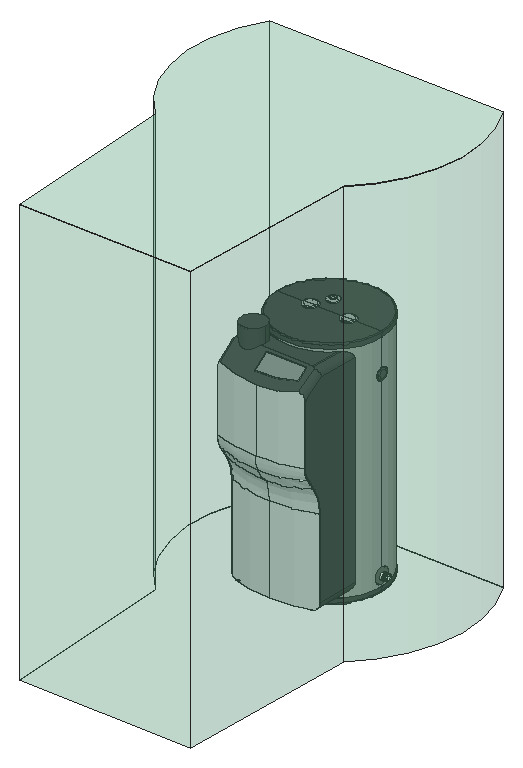
Revit family "Innovo GB_IR 24 245 GB LP", category Mechanical Equipment, Revit 2015
Parameters (values of type "IR-24-245 GB LP")
  Workspace Radius = Diameter + 170 mm  # 730 mm
  Workspace Height = Height + 1000 mm  # 2270 mm
  Workspace Front Distance = 1000 mm
  Working only during off-peak hour = no
  Width = Diameter  # 560 mm
  Workspace [instance] = yes
  Water heating energy efficiency class (2) = "-"
  Water heating energy efficiency class (1) = "A"  # constant formula
  Water heating energy efficiency (2) = "-"
  Water heating energy efficiency (1) = "92%"
  Warranty on tank = "36 months"  # constant formula
  Warranty on parts = "12 months"  # constant formula
  Voltage = 230 V  # constant formula
  Valve Height 02 = if(and(Height = 1745 mm, Diameter = 675 mm), 1518 mm, if(and(Height = 1745 mm, Diameter = 610 mm), 1534 mm, if(Height = 1545 mm, 1328 mm, 1070 mm)))  # 1070 mm
  Valve Height 01 = if(and(Diameter > 560 mm), 693 mm, 604 mm)  # 604 mm
  URL = "www.aosmith.co.uk"
  Type of Packaging = "Carton and Wood"  # constant formula
  Transport Weight = 114 kg
  Trade mark = "A.O. Smith"  # constant formula
  Thermostat temperature setting = 65 °C  # constant formula
  T&P Connection Rp = 3/4"
  Storage Capacity = 160.0 L
  Standard Set For = "G20"
  Stand-by Loss - daily (24h) = 0 W
  Stand-by Loss = 0 W
  Smart control = no
  Serial Number = "8717449285937"
  Seasonal Energy Efficiency Rating = [Energy Efficiency Rating (Hs, acc NEN-EN 89-1999)]  # 96
  Recovery Rate @ ΔT = 70°C = 150.0 L/s
  Recovery Rate @ ΔT = 55°C = 190.0 L/s
  Recovery Rate @ ΔT = 50°C = 200.0 L/s
  Recovery Rate @ ΔT = 44°C = 230.0 L/s
  Recovery Rate @ ΔT = 28°C = 360.0 L/s
  Product Instruction Link = ""
  Product Documentation Link = ""
  Precaustions during assembling, installation or maintenance = "see User, Installation, Service and Maintenance Manual"  # constant formula
  Power Consumption (peak) = 85 W
  Power Consumption (nominal) = 25 W
  Phase = 1
  Packaging Width = 786 mm  # constant formula
  Packaging Length = 946 mm  # constant formula
  Packaging Height = 1465 mm
  Other load profile = "-"
  Operating Weight = 274 kg
  Nominal Output = "11700"
  Nominal Heat Input (Net) = "10900"
  Nominal Heat Input (Gross) = "12100"
  Noice-level dB (A) = "<45"  # constant formula
  NOx Emissions mg/kWh = "22"
  NOx Emissions (air free, 0% O2) ppm = "14"
  Model identifier = "IR-12-160"
  Model = "IR-12-160 GB NAT"
  Min. Setpoint = 40 °C  # constant formula
  Max. Setpoint = 85 °C  # constant formula
  Max. Operating Pressure = 550000.0 Pa
  Max. Flue Gas Outlet Temperature = 42 °C
  Manufacturer Number = "E 7110"  # constant formula
  Manufacturer = "A.O. Smith Water Products Company b.v."  # constant formula
  Maintenance Interval = "12 months"  # constant formula
  Load profile = "XL"
  Length = 780 mm  # constant formula
  Insulation Thickness = 50 mm
  Installation Type = "B23/C13/C33/C43/C53/C63"  # constant formula
  Indoor sound power level = "41 dB"
  Hot / Warm Water Connection R = 3/4"
  Height Warm Water Outlet = 1270 mm
  Height Gas Connection = 860 mm
  Height Flue Outlet = 1295 mm
  Height Cold Water Inlet = 170 mm
  Height Air Inlet = 1295 mm
  Height = 1270 mm
  Heating Up Time @ ΔT = 70°C = "42"
  Heating Up Time @ ΔT = 55°C = "34"
  Heating Up Time @ ΔT = 50°C = "31"
  Heating Up Time @ ΔT = 44°C = "27"
  Heating Up Time @ ΔT = 28°C = "17"
  Gas Supply Pressure = 2000.0 Pa
  Gas Flow Rate - Volume ltr/hr = "1.20"
  Gas Flow Rate - Mass kg/h = "n.a."
  Gas Connection R = 15"  # constant formula
  Gas Category = "II2E3P"  # constant formula
  Frequency = 50 Hz  # constant formula
  Flue Diameter - water heater = "80/125 mm/mm"  # constant formula
  Flue Diameter - parallel system = "2x80"  # constant formula
  Flue Diameter - concentric system = "80/125 mm/mm"  # constant formula
  Energy Efficiency Rating (Hs, acc NEN-EN 89-1999) = 96
  Energy Efficiency Rating (Hi, acc NEN-EN 89-1999) = 107
  Empty Weight = 95 kg
  Draw-off Capacity @ ΔT = 70°C after 90 min. = 270.0 L
  Draw-off Capacity @ ΔT = 70°C after 60 min. = 200.0 L
  Draw-off Capacity @ ΔT = 70°C after 30 min. = 120.0 L
  Draw-off Capacity @ ΔT = 70°C after 120 min. = 340.0 L
  Draw-off Capacity @ ΔT = 55°C after 90 min. = 370.0 L
  Draw-off Capacity @ ΔT = 55°C after 60 min. = 270.0 L
  Draw-off Capacity @ ΔT = 55°C after 30 min. = 180.0 L
  Draw-off Capacity @ ΔT = 55°C after 120 min. = 460.0 L
  Draw-off Capacity @ ΔT = 50°C after 90 min. = 410.0 L
  Draw-off Capacity @ ΔT = 50°C after 60 min. = 310.0 L
  Draw-off Capacity @ ΔT = 50°C after 30 min. = 210.0 L
  Draw-off Capacity @ ΔT = 50°C after 120 min. = 510.0 L
  Draw-off Capacity @ ΔT = 44°C after 90 min. = 480.0 L
  Draw-off Capacity @ ΔT = 44°C after 60 min. = 360.0 L
  Draw-off Capacity @ ΔT = 44°C after 30 min. = 250.0 L
  Draw-off Capacity @ ΔT = 44°C after 120 min. = 590.0 L
  Draw-off Capacity @ ΔT = 28°C after 90 min. = 780.0 L
  Draw-off Capacity @ ΔT = 28°C after 60 min. = 600.0 L
  Draw-off Capacity @ ΔT = 28°C after 30 min. = 420.0 L
  Draw-off Capacity @ ΔT = 28°C after 120 min. = 60.0 L
  Drain Valve Connection Rp = 3/4"  # constant formula
  Diameter = 560 mm
  Destination / Country = "UK & Ireland"  # constant formula
  Description = "Condensing High Efficiency Storage Water Heater"  # constant formula
  Default Setpoint = 65 °C  # constant formula
  Created By = "http://www.cadcompany.nl/"
  Condens Discharge Connection = 40 mm  # constant formula
  Cold Water Connection R = 3/4"  # constant formula
  Co2 Emissions (tol. +/- 1.0) vol% = "9.3"
  CE-PIN = "0063CQ3037"  # constant formula
  BIM Content Developer = "CAD & Company"  # constant formula
  Assembly Code = "D3010"
  Annual fuel consumption (2) = "-"
  Annual fuel consumption (1) = "16 GJ GCV"
  Annual electricity consumption (2) = "-"
  Annual electricity consumption (1) = "38 kWh"
  APS Pressure < = 115.0 Pa
  2nd Maintenance (general maintenance) = "12 months after installation"  # constant formula
  1e Maintenance (check-up) = "3 months after installation"  # constant formula
Reference planes
  plane 1 "Center (Front/Back)": y = 0
  plane 2: z = 0
  plane 3 "Center (Left/Right)": x = 0
  plane 4 "Pipe": through (-383.901, 912.349, 194.799) normal (-0.0879, -0.0879, 0.9923)
  plane 5 "footing": y = 118.925
  plane 6 "footing front": y = -237.85
  plane 7: x = -280
  plane 8: x = 280
  plane 9: z = 1270
Forms (mm)
  Revolve 1, solid, material "RAL 9005", detail levels medium+fine
    sketch origin (0, -237.85, 0) x (-1, 0, 0) y (0, 0, 1)
      loop
        line (0, 28.9) -> (-15, 28.9) -> (-15, 26.4) -> (-8.671, 26.4) -> (-8.671, 18) -> (-5.686, 18) -> (-6.626, 17.06) -> (-6.626, 12.06) -> (-8.671, 12.06) -> (-8.671, 10) -> (-10.031, 10) -> (-23.271, 5.181)
        arc (-23.271, 5.181) -> (-23.763, 4.836) -> (-24.017, 4.293) r 1.159
        line (-24.017, 4.293) -> (-24.017, 1.03)
        arc (-24.017, 1.03) -> (-23.715, 0.302) -> (-22.986, 0) r 1.03
        line (-22.986, 0) -> (0, 0) -> (0, 28.9)
      axis (0, 28.9) -> (0, 0)
    angle from 0 to 360
  Revolve 2, solid, material "RAL 9005", detail levels medium+fine
    sketch origin (0, 118.925, 0) x (-1, 0, 0) y (0, 0, 1)
      loop
        line (-180.984, 28.9) -> (-195.984, 28.9) -> (-195.984, 26.4) -> (-189.655, 26.4) -> (-189.655, 18) -> (-186.67, 18) -> (-187.61, 17.06) -> (-187.61, 12.06) -> (-189.655, 12.06) -> (-189.655, 10) -> (-191.015, 10) -> (-204.256, 5.181)
        arc (-204.256, 5.181) -> (-204.747, 4.836) -> (-205.001, 4.293) r 1.159
        line (-205.001, 4.293) -> (-205.001, 1.03)
        arc (-205.001, 1.03) -> (-204.699, 0.302) -> (-203.971, 0) r 1.03
        line (-203.971, 0) -> (-180.984, 0) -> (-180.984, 28.9)
      axis (-180.984, 28.9) -> (-180.984, 0)
    angle from 0 to 360
  Revolve 3, solid, material "RAL 9005", detail levels medium+fine
    sketch origin (0, 118.925, 0) x (-1, 0, 0) y (0, 0, 1)
      loop
        line (179.016, 28.9) -> (164.016, 28.9) -> (164.016, 26.4) -> (170.345, 26.4) -> (170.345, 18) -> (173.33, 18) -> (172.39, 17.06) -> (172.39, 12.06) -> (170.345, 12.06) -> (170.345, 10) -> (168.985, 10) -> (155.744, 5.181)
        arc (155.744, 5.181) -> (155.253, 4.836) -> (154.999, 4.293) r 1.159
        line (154.999, 4.293) -> (154.999, 1.03)
        arc (154.999, 1.03) -> (155.301, 0.302) -> (156.029, 0) r 1.03
        line (156.029, 0) -> (179.016, 0) -> (179.016, 28.9)
      axis (179.016, 28.9) -> (179.016, 0)
    angle from 0 to 360
Lines and regions (mm)
  symbolic lines
    curve 1: line (0, 280.06, 0) -> (0, -280.06, 0)
    curve 2: line (-255.06, 0, 0) -> (255.06, 0, 0)
  symbolic lines, style "Workspace"
    curve 3: line (623.261, 380.06, 0) -> (-623.261, 380.06, 0)
    curve 4: arc (-623.261, 380.06, 0) -> (-723.227, -99.209, 0) -> (-497.893, -533.856, 0) r 730
    curve 5: line (-497.893, -533.856, 0) -> (-454.283, -1492.825, 0)
    curve 6: line (-454.283, -1492.825, 0) -> (456.53, -1492.825, 0)
    curve 7: line (456.53, -1492.825, 0) -> (500.201, -531.695, 0)
    curve 8: arc (500.201, -531.695, 0) -> (723.44, -97.643, 0) -> (623.261, 380.06, 0) r 730
Dimensions and locks
  plane 5 "footing" to plane 1 "Center (Front/Back)" = 118.925 mm
  plane 1 "Center (Front/Back)" to plane 6 "footing front" = 237.85 mm
  "Diameter": plane 7 to plane 8
  equal spacing: plane 7, plane 3 "Center (Left/Right)", plane 8
  "Height": plane 9 to plane 2
  "Workspace Front Distance": curve 6 to nested 3
  "Workspace Radius": radius of curve 4
  "Workspace Radius": radius of curve 8
  aligned and locked: level to plane 2
  aligned and locked: nested 3 to Revolve 1 sketch curve
  aligned and locked: plane 3 "Center (Left/Right)" to Revolve 1 sketch curve
  aligned and locked: nested 3 to plane 1 "Center (Front/Back)"
  aligned and locked: plane 3 "Center (Left/Right)" to nested 3
  aligned and locked: nested 1 to plane 8
  aligned and locked: nested 5 to plane 8
  aligned and locked: nested 2 to plane 7
  aligned and locked: nested 4 to plane 7
  aligned and locked: nested 7 to plane 7
  aligned and locked: nested 8 to plane 3 "Center (Left/Right)"
  aligned and locked: plane 1 "Center (Front/Back)" to nested 8
  aligned and locked: nested 8 to nested 3
  aligned and locked: curve 5 to nested 8
  aligned and locked: curve 7 to nested 8
  aligned and locked: curve 3 to nested 8
Automatic sketch dimensions
  Revolve 1 sketch curve to level = 0 mm
  plane 3 "Center (Left/Right)" to Revolve 1 sketch curve = 5.686 mm
  Revolve 1 sketch curve to Revolve 1 sketch curve = 0.94 mm  (x2)
  Revolve 1 sketch curve to Revolve 1 sketch curve = 2.046 mm  (x2)
  Revolve 1 sketch curve to Revolve 1 sketch curve = 1.359 mm
  Revolve 1 sketch curve to Revolve 1 sketch curve = 6.329 mm
  level to Revolve 1 sketch curve = 4.091 mm
  Revolve 1 sketch curve to Revolve 1 sketch curve = 12.844 mm
  level to Revolve 1 sketch curve = 1.03 mm
  Revolve 1 sketch curve to Revolve 1 sketch curve = 0.111 mm
  level to Revolve 1 sketch curve = 5.181 mm
  Revolve 1 sketch curve to Revolve 1 sketch curve = 0.745 mm
  level to Revolve 1 sketch curve = 10 mm
  Revolve 1 sketch curve to Revolve 1 sketch curve = 2.06 mm
  Revolve 1 sketch curve to Revolve 1 sketch curve = 5 mm
  Revolve 1 sketch curve to Revolve 1 sketch curve = 8.4 mm
  Revolve 1 sketch curve to Revolve 1 sketch curve = 2.5 mm
  Revolve 1 sketch curve to level = 19.635 mm
  Revolve 1 sketch curve to Revolve 1 sketch curve = 46.465 mm
  Revolve 2 sketch curve to level = 0 mm
  level to Revolve 2 sketch curve = 1.03 mm
  Revolve 2 sketch curve to plane 8 = 74.999 mm
  level to Revolve 2 sketch curve = 5.181 mm
  Revolve 2 sketch curve to Revolve 2 sketch curve = 0.745 mm
  Revolve 2 sketch curve to Revolve 2 sketch curve = 0.397 mm
  Revolve 2 sketch curve to Revolve 2 sketch curve = 8.271 mm
  Revolve 2 sketch curve to Revolve 2 sketch curve = 13.241 mm
  Revolve 2 sketch curve to Revolve 2 sketch curve = 1.359 mm
  Revolve 2 sketch curve to Revolve 2 sketch curve = 6.329 mm
  Revolve 2 sketch curve to Revolve 2 sketch curve = 2.046 mm
  level to Revolve 2 sketch curve = 18 mm
  Revolve 2 sketch curve to Revolve 2 sketch curve = 0.94 mm  (x2)
  Revolve 2 sketch curve to Revolve 2 sketch curve = 8.671 mm
  Revolve 2 sketch curve to Revolve 2 sketch curve = 1.089 mm
  Revolve 2 sketch curve to Revolve 2 sketch curve = 8 mm
  Revolve 2 sketch curve to Revolve 2 sketch curve = 2.06 mm
  Revolve 2 sketch curve to Revolve 2 sketch curve = 8.4 mm
  Revolve 2 sketch curve to Revolve 2 sketch curve = 2.5 mm
  Revolve 2 sketch curve to Revolve 2 sketch curve = 0 mm
  Revolve 2 sketch curve to level = 19.635 mm
  Revolve 2 sketch curve to Revolve 2 sketch curve = 46.465 mm
  Revolve 3 sketch curve to level = 0 mm
  level to Revolve 3 sketch curve = 1.03 mm
  Revolve 3 sketch curve to plane 7 = 125.001 mm
  level to Revolve 3 sketch curve = 5.181 mm
  Revolve 3 sketch curve to Revolve 3 sketch curve = 0.745 mm
  Revolve 3 sketch curve to Revolve 3 sketch curve = 0.397 mm
  Revolve 3 sketch curve to Revolve 3 sketch curve = 8.271 mm
  Revolve 3 sketch curve to Revolve 3 sketch curve = 13.241 mm
  Revolve 3 sketch curve to Revolve 3 sketch curve = 1.359 mm
  Revolve 3 sketch curve to Revolve 3 sketch curve = 6.329 mm
  Revolve 3 sketch curve to Revolve 3 sketch curve = 2.046 mm
  level to Revolve 3 sketch curve = 18 mm
  Revolve 3 sketch curve to Revolve 3 sketch curve = 0.94 mm  (x2)
  Revolve 3 sketch curve to Revolve 3 sketch curve = 8.671 mm
  Revolve 3 sketch curve to Revolve 3 sketch curve = 1.089 mm
  Revolve 3 sketch curve to Revolve 3 sketch curve = 8 mm
  Revolve 3 sketch curve to Revolve 3 sketch curve = 2.06 mm
  Revolve 3 sketch curve to Revolve 3 sketch curve = 8.4 mm
  Revolve 3 sketch curve to Revolve 3 sketch curve = 2.5 mm
  Revolve 3 sketch curve to Revolve 3 sketch curve = 0 mm
  Revolve 3 sketch curve to level = 19.635 mm
  Revolve 3 sketch curve to Revolve 3 sketch curve = 46.465 mm
  curve 4 to curve 8 = 0 mm  (x2)
  plane 1 "Center (Front/Back)" to curve 2 = 0 mm
  curve 1 to plane 3 "Center (Left/Right)" = 0 mm
  plane 1 "Center (Front/Back)" to curve 4 = 0 mm
  curve 4 to plane 3 "Center (Left/Right)" = 0 mm
  curve 2 to plane 7 = 24.94 mm
  curve 2 to plane 8 = 24.94 mm
  curve 1 to plane 6 "footing front" = 42.21 mm
  plane 5 "footing" to curve 1 = 161.135 mm
Nested families
  nested 1: "Valve" at (280, -0.38, 1070) x (0, 1, 0) z (0, 0, 1), built-in parameter 1001364 <- "Valve Height 02", type "Valve"
  nested 2: "Drain Valve" at (-280, 0, 1070), built-in parameter 1001364 <- "Valve Height 02", type "Drain Valve"
  nested 3: "Housing Mother Housing S 57 (external)" at (0, -274.886, 0), type "Housing Mother_Housing S_57"
  nested 4: "Drain Valve" at (-280, 0, 177), type "Drain Valve"
  nested 5: "Drain Valve" at (280, 0, 107) x (-1, 0, 0) z (0, 0, 1), type "Drain Valve"
  nested 6: "Boiler" at (0, 0, 0), height <- "Height", type "Boiler"
    with height 1270 mm
  nested 7: "Drain Valve" at (-280, 0, 604), built-in parameter 1001364 <- "Valve Height 01", type "Drain Valve"
  nested 8: "Innovo_workspace" at (0, 0, 0), Workspace <- "Workspace", Workspace Distance Front <- "Workspace Front Distance", Workspace Height <- "Workspace Height", Workspace Radius <- "Workspace Radius", type "Workspace"
    with Workspace Radius 730 mm, Workspace Height 2270 mm, Workspace Distance Front 1000 mm, Workspace yes, Center to Front 492.825 mm
Connectors
  piping at (314.826, 0, 107), diameter 19.05, driven by "Drain Valve Connection Rp"
    settings: on nested 5, index 1, connector inside diameter 24", connector length 0 mm, flow factor 0, pipe flow 0.0 L/s, pressure drop 0.0 Pa, fitting loss kfactor 0, connector angle 0.00°, fixture units 0, engagement length 0 mm, angle of deflection 0.00°, flow configuration 0, flow direction 0, fitting loss method 0, system type 19, joint type 0, gender type 0, connector reference index -1, connector utility 0, adjustable connector no, is connector primary yes, connector description ""
  hvac at (-147.013, -321.326, 1310.674)
    settings: on nested 3, index 2, duct flow 0.0 L/s, flow factor 0, pres drop 0.0 Pa, loss coef 0, conn angle 0.00°, conn width 304.8 mm, conn height 304.8 mm, conn diameter 125 mm, duct sys type 4, conn prof type 0, flow config 0, flow direction 0, loss method 0, conn ref index -1, conn util no, is conn primary yes, conn desc ""
Definition of nested family "Valve"
  Parameters (values of type "Valve")
    Type Comments = "T&P valve (internal)"
    Manufacturer = "A.O. Smith"
  Reference planes
    plane 1 "Center (Front/Back)": y = 0
    plane 2: z = 0
    plane 3 "Center (Left/Right)": x = 0
  Forms (mm)
    Extrusion 1, solid, detail levels fine
      sketch origin (0, 0, 0) x (1, 0, 0) y (0, 0, 1)
        loop
          circle (0, 0) r 31.5
      from -2.271 to 1.4
    Sweep 2, solid, detail levels fine
      path origin (0, -1.4, 0) x (1, 0, 0) y (0, 0, 1)
        loop
          circle (0, 0) r 31.5
      profile origin (0, -1.4, 31.5) x (0, 0, -1) y (0, -1, 0)
        loop
          line (7.3, 0) -> (7.3, 3) -> (0, 0) -> (7.3, 0)
  Dimensions and locks
    aligned and locked: level to plane 2
Definition of nested family "Drain Valve"
  Reference planes
    plane 1 "Center (Front/Back)": y = 0
    plane 2: z = 0
    plane 3 "Center (Left/Right)": x = 0
  Forms (mm)
    Revolve 1, solid, detail levels medium+fine
      sketch origin (0, 0, 0) x (1, 0, 0) y (0, 0, 1)
        loop
          line (-33.442, 15.696) -> (-34.826, 14.329) -> (-34.93, 12.731) -> (-16.555, 12.731) -> (-16.555, 0) -> (15.787, 0) -> (15.787, 18.3) -> (-14.4, 18.3) -> (-17.148, 15.533) -> (-18.729, 16.697) -> (-20.091, 15.333) -> (-21.672, 16.496) -> (-23.034, 15.133) -> (-24.614, 16.296) -> (-25.976, 14.932) -> (-27.557, 16.096) -> (-28.919, 14.732) -> (-30.5, 15.896) -> (-31.862, 14.532) -> (-33.442, 15.696)
        axis (-34.93, 0) -> (15.787, 0)
      angle from 0 to 360
  Dimensions and locks
    aligned and locked: level to plane 2
  Nested families
    nested 1: "Rubber sealing" at (2.592, -0.155, 0) x (0.0023, -1, 0) z (0, 0, 1), type "Rubber sealing", detail levels fine
  Definition of nested family "Rubber sealing"
    Reference planes
      plane 1 "Center (Front/Back)": y = 0
      plane 2: z = 0
      plane 3 "Center (Left/Right)": x = 0
    Forms (mm)
      Extrusion 1, solid, detail levels fine
        sketch origin (141.861, 319.581, 0) x (1, 0, 0) y (0, 1, 0)
          loop
            line (-216.354, -311.898) -> (-216.354, -313.94)
            arc (-216.354, -313.94) -> (-141.602, -321.581) -> (-66.861, -313.835) r 366.966
            line (-66.861, -313.835) -> (-66.861, -311.791)
            arc (-66.861, -311.791) -> (-141.602, -319.581) -> (-216.354, -311.898) r 364.966
        from -80 to 80
      Extrusion 2, void
        sketch origin (141.861, 319.581, 0) x (1, 0, 0) y (0, 0, 1)
          loop
            circle (-141.861, 0) r 13
          loop
            circle (-141.861, 0) r 110
          loop
            circle (-141.861, 0) r 40
        from 311.563 to 332.684
      Extrusion 3, void
        sketch origin (141.861, 319.581, 0) x (1, 0, 0) y (0, 0, 1)
          loop
            circle (-141.861, 0) r 18.25
        from 315.524 to 326.084
    Cuts and joins
      Extrusion 2, Extrusion 3 cuts Extrusion 1
    Dimensions and locks
      aligned and locked: level to plane 2
Definition of nested family "Housing Mother Housing S 57 (external)"
  Parameters (values of type "Housing Mother_Housing S_57")
    radius [instance] = 280 mm
    distance to boiler center = if(diameter = 675 mm, 189 mm, if(diameter = 610 mm, 154 mm, 129 mm))  # 129 mm
    diameter = 560 mm
  Reference planes
    plane 1 "Center (Front/Back)": y = 0
    plane 2: z = 0
    plane 3 "Center (Left/Right)": x = 0
    plane 4 "left": through (-245.286, 145.886, 1200) normal (0.9994, 0.0349, 0)
    plane 5: y = -217.939
    plane 6: y = 145.886
    plane 7: z = 1232.6
    plane 8: z = 65.89
    plane 9 "right": through (245.286, 145.886, 1200) normal (0.9994, -0.0349, 0)
    plane 10 "display": through (0, -90.37, 1221.196) normal (0, -0.5736, 0.8192)
    plane 11 "Potentiostat": z = 867.899
    plane 12 "boiler center": y = 274.886
    plane 13: x = -280
    plane 14: x = 280
  Forms (mm)
    Extrusion 1, solid
      sketch origin (0, 0, 0) x (1, 0, 0) y (0, 1, 0)
        loop
          line (-245.286, 145.886) -> (-232.581, -217.939) -> (232.581, -217.939) -> (245.286, 145.886)
          arc (245.286, 145.886) -> (0, 0.923) -> (-245.286, 145.886) r 280
      from 0 to 1232.6
    Sweep 2, void
      path origin (0, 0, 0) x (0, 1, 0) y (0, 0, 1)
        loop
          line (-217.939, 1232.6) -> (-217.939, 795.555)
          arc (-217.939, 795.555) -> (-212.387, 754.285) -> (-197.694, 715.322) r 183.924
          arc (-197.694, 715.322) -> (-179.915, 684.628) -> (-159.106, 655.901) r 348.284
          arc (-159.106, 655.901) -> (-131.411, 600.328) -> (-121.88, 538.973) r 202.254
          line (-121.88, 538.973) -> (-121.88, 61.106)
      profile origin (0, -217.939, 1014.077) x (1, 0, 0) y (0, 1, 0)
        loop
          arc (0, 0) -> (-117.533, 9.941) -> (-231.728, 39.475) r 699.984
          arc (-231.728, 39.475) -> (-233.391, 40.705) -> (-234.07, 42.659) r 3.505
          line (-234.07, 42.659) -> (-254.062, 42.659) -> (-254.062, -142.593) -> (254.07, -142.593) -> (254.07, 42.659) -> (234.07, 42.659)
          arc (234.07, 42.659) -> (233.391, 40.705) -> (231.728, 39.475) r 3.505
          arc (231.728, 39.475) -> (117.533, 9.941) -> (0, 0) r 699.984
    Extrusion 3, void
      sketch origin (0, 0, 0) x (0, 1, 0) y (0, 0, 1)
        loop
          arc (102.864, 70.869) -> (99.804, 70.709) -> (96.874, 69.813) r 12.57
          arc (96.874, 69.813) -> (87.878, 66.533) -> (78.516, 64.529) r 69.114
          arc (78.516, 64.529) -> (76.41, 64.284) -> (74.294, 64.148) r 41.206
          arc (74.294, 64.148) -> (65.203, 64.335) -> (56.122, 64.782) r 318.661
          arc (56.122, 64.782) -> (30.585, 66.179) -> (5.028, 67.128) r 1456.581
          line (5.028, 67.128) -> (-84.534, 73.135)
          arc (-84.534, 73.135) -> (-86.363, 73.808) -> (-87.536, 75.365) r 3.455
          line (-87.536, 75.365) -> (-264.473, 75.365) -> (-264.473, 0) -> (160.886, 0) -> (160.886, 103.945) -> (145.886, 103.945)
          arc (145.886, 103.945) -> (145.104, 97.827) -> (142.923, 92.059) r 26.364
          arc (142.923, 92.059) -> (141.067, 88.936) -> (138.867, 86.045) r 31.715
          arc (138.867, 86.045) -> (135.576, 82.49) -> (132.021, 79.2) r 62.615
          arc (132.021, 79.2) -> (125.841, 74.697) -> (119.091, 71.103) r 54.444
          arc (119.091, 71.103) -> (116.371, 70.272) -> (113.531, 70.123) r 11.669
          line (113.531, 70.123) -> (102.864, 70.869)
      from -254.062 to 254.07
    Sweep 4, void
      path origin (0, 0, 0) x (1, 0, 0) y (0, 1, 0)
        loop
          line (-245.286, 145.886) -> (-232.581, -217.939)
      profile origin (-238.933, -36.027, 0) x (0.999391, 0.034899, 0) y (0, 0, 1)
        loop
          line (-4.454, 0) -> (47.084, 0) -> (47.084, 73.431)
          arc (47.084, 73.431) -> (14.222, 85.134) -> (0.255, 117.1) r 43.922
          line (0.255, 117.1) -> (-4.454, 117.1) -> (-4.454, 0)
    Sweep 5, void
      path origin (0, 0, 0) x (-1, 0, 0) y (0, 1, 0)
        loop
          line (-245.286, 145.886) -> (-232.581, -217.939)
      profile origin (238.933, -36.027, 0) x (0.999391, -0.034899, 0) y (0, 0, 1)
        loop
          line (4.454, 0) -> (4.454, 117.1) -> (-0.255, 117.1)
          arc (-0.255, 117.1) -> (-14.222, 85.134) -> (-47.084, 73.431) r 43.922
          line (-47.084, 73.431) -> (-47.084, 0) -> (4.454, 0)
    Sweep 6, void
      path origin (-239.899, -8.377, 0) x (-0.034899, 0.999391, 0) y (0, 0, 1)
        loop
          line (-209.69, 1141.272) -> (-79.18, 1232.6) -> (154.358, 1232.6)
      profile origin (-241.211, 29.188, 1232.6) x (0, 0, 1) y (0.999391, 0.034899, 0)
        loop
          line (-45, -30) -> (75, -30) -> (75, 0) -> (75, 55) -> (2.799, 55) -> (-1.253, 35.128)
          arc (-1.253, 35.128) -> (-16.771, 9.564) -> (-45, -0.308) r 44.287
          line (-45, -0.308) -> (-45, -30)
    Sweep 7, void
      path origin (239.899, -8.377, 0) x (0.034899, 0.999391, 0) y (0, 0, 1)
        loop
          line (-209.69, 1141.272) -> (-79.18, 1232.6) -> (154.358, 1232.6)
      profile origin (241.211, 29.188, 1232.6) x (0, 0, -1) y (-0.999391, 0.034899, 0)
        loop
          line (-75, -25) -> (45, -25) -> (45, -0.308)
          arc (45, -0.308) -> (16.771, 9.564) -> (1.253, 35.128) r 44.287
          line (1.253, 35.128) -> (-2.799, 55) -> (-75, 55) -> (-75, -25)
    Extrusion 8, void
      sketch origin (0, 0, 0) x (0, 1, 0) y (0, 0, 1)
        loop
          line (-270, 1336.099) -> (-270, 1099.081) -> (68.497, 1336.099) -> (-270, 1336.099)
      from -425.038 to 444.42
    Extrusion 9, solid, detail levels medium+fine
      sketch origin (0, 0, 0) x (1, 0, 0) y (0, 1, 0)
        loop
          circle (-147.013, -46.44) r 65
      from 1163.174 to 1310.674
    Extrusion 10, void
      sketch origin (0, -603.506, 861.895) x (0, 0.819152, 0.573576) y (-1, 0, 0)
        loop
          arc (618.322, -173) -> (623.272, -170.95) -> (625.322, -166) r 7
          line (625.322, -166) -> (625.322, 35)
          arc (625.322, 35) -> (623.272, 39.95) -> (618.322, 42) r 7
          line (618.322, 42) -> (535.473, 42)
          arc (535.473, 42) -> (530.688, 40.11) -> (528.488, 35.46) r 7
          arc (528.488, 35.46) -> (531.569, -67.592) -> (554.18, -168.18) r 540
          arc (554.18, -168.18) -> (556.724, -171.668) -> (560.831, -173) r 7
          line (560.831, -173) -> (618.322, -173)
      from 0 to 137.286
    Sweep 11, solid, detail levels fine
      path origin (0, 0, 867.899) x (-1, 0, 0) y (0, -1, 0)
        loop
          line (309.749, -35.617) -> (204.371, -35.617)
          arc (204.371, -35.617) -> (196.509, -34.687) -> (189.082, -31.947) r 33.677
          line (189.082, -31.947) -> (-9.574, 69.274)
      profile origin (-257.06, 35.617, 867.899) x (0, 1, 0) y (0, 0, 1)
        loop
          circle (0, 0) r 7.316
        loop
          circle (0, 0) r 6.465
    Revolve 12, void
      sketch origin (0, 274.886, 0) x (-1, 0, 0) y (0, 0, 1)
        loop
          line (280, 1243.838) -> (0, 1243.838) -> (0, 54.9) -> (280, 54.9) -> (280, 1243.838)
        axis (0, 1243.838) -> (0, 54.9)
      angle from 0 to 360
  Cuts and joins
    Sweep 2, Extrusion 3, Sweep 4, Sweep 5, Sweep 6, Sweep 7, Extrusion 8, Extrusion 10, Revolve 12 cuts Extrusion 1
  Dimensions and locks
    plane 8 to plane 2 = 65.89 mm
    plane 7 to plane 8 = 1166.71 mm
    "distance to boiler center": plane 12 "boiler center" to plane 6
    "diameter": plane 14 to plane 13
    equal spacing: plane 14, plane 3 "Center (Left/Right)", plane 13
    "radius": plane 3 "Center (Left/Right)" to plane 13
    aligned and locked: level to plane 2
    aligned and locked: Extrusion 1 to plane 7
    aligned and locked: Extrusion 1 sketch curve to plane 5
    aligned and locked: Sweep 2 to Extrusion 3
    aligned and locked: Extrusion 3 to Sweep 2  (x2)
    aligned and locked: plane 7 to Sweep 2 sketch curve
    aligned and locked: plane 3 "Center (Left/Right)" to Revolve 12 sketch curve
    aligned and locked: Revolve 12 sketch curve to plane 3 "Center (Left/Right)"
    aligned and locked: plane 13 to Revolve 12 sketch curve
  Automatic sketch dimensions
    Extrusion 1 sketch curve to plane 4 "left" = 0 mm  (x2)
    Extrusion 1 sketch curve to plane 6 = 0 mm  (x2)
    Extrusion 1 sketch curve to plane 3 "Center (Left/Right)" = 0 mm
    Extrusion 1 sketch curve to plane 9 "right" = 0 mm
    plane 6 to Extrusion 1 sketch curve = 135.037 mm
    Sweep 2 sketch curve to plane 5 = 0 mm
    plane 5 to Sweep 2 sketch curve = 106.195 mm
    Sweep 2 sketch curve to plane 5 = 96.059 mm
    plane 1 "Center (Front/Back)" to Sweep 2 sketch curve = 34.053 mm
    plane 11 "Potentiostat" to Sweep 2 sketch curve = 6.417 mm
    Sweep 2 sketch curve to plane 6 = 33.705 mm
    Sweep 2 sketch curve to plane 11 "Potentiostat" = 68.615 mm
    Sweep 2 sketch curve to plane 11 "Potentiostat" = 72.345 mm
    Sweep 2 sketch curve to Sweep 2 sketch curve = 176.349 mm
    Sweep 2 sketch curve to Sweep 2 sketch curve = 0 mm  (x2)
    plane 8 to Sweep 2 sketch curve = 4.784 mm
    Extrusion 3 sketch curve to level = 0 mm
    Extrusion 3 sketch curve to plane 6 = 0 mm
    Extrusion 3 sketch curve to plane 6 = 26.363 mm
    Extrusion 3 sketch curve to Extrusion 3 sketch curve = 4.75 mm
    Extrusion 3 sketch curve to Extrusion 3 sketch curve = 5.179 mm
    Extrusion 3 sketch curve to plane 8 = 4.232 mm
    Extrusion 3 sketch curve to Extrusion 3 sketch curve = 0.814 mm
    Extrusion 3 sketch curve to plane 8 = 4.978 mm
    Extrusion 3 sketch curve to Extrusion 3 sketch curve = 10.667 mm
    Extrusion 3 sketch curve to Extrusion 3 sketch curve = 0.877 mm
    Extrusion 3 sketch curve to Extrusion 3 sketch curve = 17.827 mm
    Extrusion 3 sketch curve to Extrusion 3 sketch curve = 5.646 mm
    Extrusion 3 sketch curve to plane 6 = 69.562 mm
    Extrusion 3 sketch curve to Extrusion 3 sketch curve = 18.6 mm
    Extrusion 3 sketch curve to Extrusion 3 sketch curve = 22.538 mm
    Extrusion 3 sketch curve to plane 8 = 1.238 mm
    Extrusion 3 sketch curve to plane 1 "Center (Front/Back)" = 5.028 mm
    plane 1 "Center (Front/Back)" to Extrusion 3 sketch curve = 36.224 mm
    Extrusion 3 sketch curve to plane 8 = 10.692 mm
    plane 1 "Center (Front/Back)" to Extrusion 3 sketch curve = 84.302 mm
    Extrusion 3 sketch curve to plane 8 = 7.244 mm
    Extrusion 3 sketch curve to Extrusion 3 sketch curve = 0.231 mm
    Extrusion 3 sketch curve to Extrusion 3 sketch curve = 3.234 mm
    plane 5 to Extrusion 3 sketch curve = 46.534 mm
    plane 6 to Extrusion 3 sketch curve = 15 mm
    Extrusion 3 sketch curve to level = 1388.869 mm
    plane 8 to Extrusion 3 sketch curve = 7.561 mm
    Extrusion 3 sketch curve to Extrusion 3 sketch curve = 11.64 mm
    Extrusion 3 sketch curve to plane 8 = 38.054 mm
    Extrusion 3 sketch curve to Extrusion 3 sketch curve = 22.442 mm
    Extrusion 3 sketch curve to plane 8 = 39.432 mm
    Extrusion 3 sketch curve to Extrusion 3 sketch curve = 2.466 mm
    Extrusion 3 sketch curve to Extrusion 3 sketch curve = 14.17 mm
    Extrusion 3 sketch curve to Extrusion 3 sketch curve = 5.925 mm
    Extrusion 3 sketch curve to Extrusion 3 sketch curve = 6.186 mm
    Extrusion 3 sketch curve to Extrusion 3 sketch curve = 249.85 mm
    Extrusion 3 sketch curve to Extrusion 3 sketch curve = 0 mm  (x4)
    Extrusion 3 sketch curve to Extrusion 3 sketch curve = 6.845 mm
    plane 8 to Extrusion 3 sketch curve = 1.743 mm
    Sweep 4 sketch curve to plane 4 "left" = 0 mm  (x2)
    Sweep 4 sketch curve to plane 6 = 0 mm
    plane 5 to Sweep 4 sketch curve = 0 mm
    Sweep 4 sketch curve to level = 0 mm
    profile plane to Sweep 4 sketch curve = 4.454 mm
    Sweep 4 sketch curve to profile plane = 0.255 mm
    Sweep 4 sketch curve to Sweep 4 sketch curve = 43.922 mm
    Sweep 4 sketch curve to profile plane = 47.084 mm
    level to Sweep 4 sketch curve = 73.431 mm
    Sweep 4 sketch curve to Sweep 4 sketch curve = 43.669 mm
    Sweep 5 sketch curve to plane 6 = 0 mm
    Sweep 5 sketch curve to plane 9 "right" = 0 mm  (x2)
    plane 5 to Sweep 5 sketch curve = 0 mm
    Sweep 5 sketch curve to level = 0 mm
    profile plane to Sweep 5 sketch curve = 47.084 mm
    Sweep 5 sketch curve to Sweep 5 sketch curve = 2.907 mm
    profile plane to Sweep 5 sketch curve = 0.255 mm
    Sweep 5 sketch curve to profile plane = 4.454 mm
    level to Sweep 5 sketch curve = 73.431 mm
    Sweep 5 sketch curve to Sweep 5 sketch curve = 43.669 mm
    Sweep 6 sketch curve to plane 7 = 0 mm
    plane 7 to Sweep 6 sketch curve = 91.328 mm
    Sweep 6 sketch curve to Sweep 6 sketch curve = 130.509 mm
    Sweep 6 sketch curve to Sweep 6 sketch curve = 233.538 mm
    Sweep 6 sketch curve to plane 4 "left" = 0 mm
    profile plane to Sweep 6 sketch curve = 45 mm
    Sweep 6 sketch curve to Sweep 6 sketch curve = 0.354 mm
    profile plane to Sweep 6 sketch curve = 1.253 mm
    Sweep 6 sketch curve to profile plane = 2.799 mm
    Sweep 6 sketch curve to Sweep 6 sketch curve = 72.201 mm
    Sweep 6 sketch curve to plane 4 "left" = 0.308 mm
    Sweep 6 sketch curve to Sweep 6 sketch curve = 29.692 mm
    plane 4 "left" to Sweep 6 sketch curve = 35.128 mm
    plane 4 "left" to Sweep 6 sketch curve = 55 mm
    Sweep 7 sketch curve to plane 7 = 0 mm
    Sweep 7 sketch curve to plane 7 = 91.328 mm
    Sweep 7 sketch curve to Sweep 7 sketch curve = 130.509 mm
    Sweep 7 sketch curve to Sweep 7 sketch curve = 233.538 mm
    Sweep 7 sketch curve to plane 9 "right" = 25 mm
    profile plane to Sweep 7 sketch curve = 75 mm
    profile plane to Sweep 7 sketch curve = 2.799 mm
    Sweep 7 sketch curve to profile plane = 1.253 mm
    Sweep 7 sketch curve to Sweep 7 sketch curve = 43.393 mm
    Sweep 7 sketch curve to profile plane = 45 mm
    Sweep 7 sketch curve to plane 9 "right" = 0.308 mm
    plane 9 "right" to Sweep 7 sketch curve = 35.128 mm
    Sweep 7 sketch curve to Sweep 7 sketch curve = 19.872 mm
    plane 5 to Extrusion 8 sketch curve = 52.061 mm
    Extrusion 8 sketch curve to plane 1 "Center (Front/Back)" = 68.497 mm
    plane 7 to Extrusion 8 sketch curve = 133.519 mm
    Extrusion 8 sketch curve to plane 7 = 103.499 mm
    plane 1 "Center (Front/Back)" to Extrusion 9 sketch curve = 46.44 mm
    Extrusion 9 sketch curve to plane 3 "Center (Left/Right)" = 147.013 mm
    Extrusion 10 sketch curve to plane 3 "Center (Left/Right)" = 0 mm
    Extrusion 10 sketch curve to plane 3 "Center (Left/Right)" = 35 mm
    Extrusion 10 sketch curve to Extrusion 10 sketch curve = 25.359 mm
    Extrusion 10 sketch curve to Extrusion 10 sketch curve = 57.491 mm
    Extrusion 10 sketch curve to plane 3 "Center (Left/Right)" = 42 mm
    Extrusion 10 sketch curve to Extrusion 10 sketch curve = 82.85 mm
    Extrusion 10 sketch curve to Extrusion 10 sketch curve = 7 mm
    Extrusion 10 sketch curve to Extrusion 10 sketch curve = 442 mm
    plane 3 "Center (Left/Right)" to Extrusion 10 sketch curve = 166 mm
    Extrusion 10 sketch curve to Extrusion 10 sketch curve = 0 mm  (x2)
    Sweep 11 sketch curve to plane 1 "Center (Front/Back)" = 31.947 mm
    Sweep 11 sketch curve to plane 3 "Center (Left/Right)" = 189.082 mm
    Sweep 11 sketch curve to plane 1 "Center (Front/Back)" = 1.94 mm
    Sweep 11 sketch curve to Sweep 11 sketch curve = 15.289 mm
    plane 3 "Center (Left/Right)" to Sweep 11 sketch curve = 9.574 mm
    Sweep 11 sketch curve to Sweep 11 sketch curve = 105.378 mm
    plane 1 "Center (Front/Back)" to Sweep 11 sketch curve = 69.274 mm
    Sweep 11 sketch curve to Sweep 11 sketch curve = 0 mm  (x2)
    Sweep 11 sketch curve to plane 11 "Potentiostat" = 0 mm
    Sweep 11 sketch curve to profile plane = 0 mm
    plane 8 to Revolve 12 sketch curve = 10.99 mm
    Revolve 12 sketch curve to plane 7 = 11.238 mm
    Revolve 12 sketch curve to level = 366.045 mm
    Revolve 12 sketch curve to Revolve 12 sketch curve = 971.917 mm
    Sweep 2 sketch curve to plane 3 "Center (Left/Right)" = 0 mm
    profile plane to Sweep 2 sketch curve = 0 mm
    Sweep 2 sketch curve to plane 3 "Center (Left/Right)" = 0.016 mm
    Sweep 2 sketch curve to profile plane = 42.782 mm  (x2)
    Sweep 2 sketch curve to plane 3 "Center (Left/Right)" = 230.568 mm
    plane 3 "Center (Left/Right)" to Sweep 2 sketch curve = 0.016 mm
    plane 3 "Center (Left/Right)" to Sweep 2 sketch curve = 230.568 mm
    Sweep 2 sketch curve to Sweep 2 sketch curve = 3.502 mm  (x2)
    Sweep 2 sketch curve to Sweep 2 sketch curve = 20 mm
    profile plane to Sweep 2 sketch curve = 142.593 mm
    Sweep 2 sketch curve to Sweep 2 sketch curve = 0.122 mm  (x2)
    Sweep 2 sketch curve to Sweep 2 sketch curve = 657.203 mm
    Sweep 2 sketch curve to Sweep 2 sketch curve = 19.991 mm
    radius of Extrusion 9 sketch curve = 65 mm
    radius of Sweep 11 sketch curve = 7.316 mm
    radius of Sweep 11 sketch curve = 6.465 mm
  Nested families
    nested 1: "display" at (65.5, -130.939, 1192.79) x (-1, 0, 0) z (0, -0.5736, 0.8192), type "display"
  Definition of nested family "display"
    Parameters (values of type "display")
      Default Elevation = 1219.2 mm
    Reference planes
      plane 1 "Center (Front/Back)": y = 0
      plane 2: z = 0
      plane 3 "Center (Left/Right)": x = 0
    Forms (mm)
      Extrusion 1, solid, detail levels medium+fine
        sketch origin (-16.958, 11.842, -343.878) x (1, 0, 0) y (0, 0, -1)
          loop
            line (-233.523, -343.878) -> (-233.523, -346.592) -> (332.686, -346.592) -> (332.686, -343.878) -> (-233.523, -343.878)
        from -228.7 to 150.822
      Extrusion 2, void
        sketch origin (-16.958, 6.842, -343.878) x (1, 0, 0) y (0, 1, 0)
          loop
            line (-233.523, 155.822) -> (-233.523, -223.7) -> (332.686, -223.7) -> (332.686, 155.822) -> (-233.523, 155.822)
          loop
            arc (-90.542, -48.267) -> (-88.492, -53.216) -> (-83.542, -55.267) r 7
            line (-83.542, -55.267) -> (117.458, -55.267)
            arc (117.458, -55.267) -> (122.408, -53.216) -> (124.458, -48.267) r 7
            line (124.458, -48.267) -> (124.458, 34.583)
            arc (124.458, 34.583) -> (122.568, 39.368) -> (117.918, 41.568) r 7
            arc (117.918, 41.568) -> (14.866, 38.487) -> (-85.722, 15.876) r 540
            arc (-85.722, 15.876) -> (-89.21, 13.332) -> (-90.542, 9.224) r 7
            line (-90.542, 9.224) -> (-90.542, -48.267)
        from 328.878 to 363.083
    Cuts and joins
      Extrusion 2 cuts Extrusion 1
    Dimensions and locks
      aligned and locked: level to plane 2
Definition of nested family "Boiler"
  Parameters (values of type "Boiler")
    radius [instance] = 280 mm
    height [instance] = 1270 mm
    Diameter = 560 mm
  Reference planes
    plane 1 "Center (Front/Back)": y = 0
    plane 2: z = 0
    plane 3 "Center (Left/Right)": x = 0
    plane 4: z = 1243.838
    plane 5: z = 1270
    plane 6 "bottom": z = 28.9
    plane 7: z = 54.9
    plane 8 "top controle": y = 88
    plane 9: x = -280
    plane 10: x = 280
  Forms (mm)
    Revolve 1, solid
      sketch origin (0, 0, 0) x (1, 0, 0) y (0, 0, 1)
        loop
          line (0, 54.9) -> (-280, 54.9) -> (-280, 32.9)
          arc (-280, 32.9) -> (-278.828, 30.072) -> (-276, 28.9) r 4
          line (-276, 28.9) -> (0, 28.9) -> (0, 54.9)
        axis (0, 28.9) -> (0, 54.9)
      angle from 0 to 360
    Revolve 2, solid
      sketch origin (1.311, 0, 0) x (1, 0, 0) y (0, 0, 1)
        loop
          line (-278.86, 1243.838) -> (-278.86, 54.9) -> (-1.311, 54.9) -> (-1.311, 1243.838) -> (-278.86, 1243.838)
        axis (-1.311, 1243.838) -> (-1.311, 54.9)
      angle from 0 to 360
    Revolve 3, solid
      sketch origin (-9.205, 0, 377.212) x (-1, 0, 0) y (0, 0, 1)
        loop
          line (-148.904, 892.788) -> (-110.805, 892.788) -> (-110.805, 895.963) -> (-141.883, 895.963) -> (-148.904, 893.62) -> (-148.904, 892.788)
        axis (-110.805, 892.788) -> (-110.805, 895.963)
      angle from 0 to 360
    Revolve 4, solid
      sketch origin (0, 0, 718.065) x (1, 0, 0) y (0, 0, -1)
        loop
          line (0, -525.773) -> (-280, -525.773) -> (-280, -547.935)
          arc (-280, -547.935) -> (-278.828, -550.763) -> (-276, -551.935) r 4
          line (-276, -551.935) -> (0, -551.935) -> (0, -525.773)
        axis (0, -551.935) -> (0, -525.773)
      angle from 0 to 360
    Revolve 5, solid
      sketch origin (0, 88, 0) x (1, 0, 0) y (0, 0, 1)
        loop
          line (-19.051, 1270) -> (-19.051, 1271.074) -> (-32.63, 1275.604) -> (-32.63, 1271.117) -> (-37.266, 1271.117) -> (-38.383, 1270) -> (-19.051, 1270)
        axis (-50.8, 1270) -> (-50.8, 1275.604)
      angle from 0 to 360
    Revolve 6, solid
      sketch origin (-217.12, 0, 372.245) x (-1, 0, 0) y (0, 0, 1)
        loop
          line (-153.622, 897.755) -> (-115.52, 897.755) -> (-115.52, 900.93) -> (-146.626, 900.93) -> (-153.622, 898.596) -> (-153.622, 897.755)
        axis (-115.52, 897.755) -> (-115.52, 900.93)
      angle from 0 to 360
  Dimensions and locks
    "height": plane 5 to plane 2
    plane 6 "bottom" to plane 2 = 28.9 mm
    locked: plane 5 to plane 4 at 26.162
    locked: plane 1 "Center (Front/Back)" to plane 8 "top controle" at 88
    "Diameter": plane 10 to plane 9
    equal spacing: plane 10, plane 3 "Center (Left/Right)", plane 9
    "radius": plane 3 "Center (Left/Right)" to plane 9
    locked: plane 9 to Revolve 2 sketch curve at 2.452
    aligned and locked: level to plane 2
    aligned and locked: Revolve 2 sketch curve to plane 7
    aligned and locked: Revolve 2 sketch curve to plane 4
    aligned and locked: Revolve 1 sketch curve to plane 7
    aligned and locked: plane 6 "bottom" to Revolve 1 sketch curve
    aligned and locked: Revolve 4 sketch curve to plane 3 "Center (Left/Right)"
    aligned and locked: plane 5 to Revolve 4 sketch curve
    aligned and locked: Revolve 4 sketch curve to plane 4
    aligned and locked: plane 9 to Revolve 4 sketch curve
    aligned and locked: Revolve 1 sketch curve to plane 9
    aligned and locked: Revolve 2 sketch curve to plane 3 "Center (Left/Right)"
    aligned and locked: plane 3 "Center (Left/Right)" to Revolve 2 sketch curve
  Automatic sketch dimensions
    Revolve 1 sketch curve to plane 3 "Center (Left/Right)" = 0 mm  (x2)
    Revolve 1 sketch curve to Revolve 1 sketch curve = 4 mm
    Revolve 1 sketch curve to level = 40 mm
    Revolve 1 sketch curve to Revolve 1 sketch curve = 305.1 mm
    Revolve 2 sketch curve to level = 366.045 mm
    Revolve 2 sketch curve to plane 5 = 945.755 mm
    Revolve 3 sketch curve to plane 5 = 0 mm
    Revolve 3 sketch curve to plane 3 "Center (Left/Right)" = 139.699 mm
    plane 5 to Revolve 3 sketch curve = 3.175 mm
    Revolve 3 sketch curve to Revolve 3 sketch curve = 7.022 mm
    Revolve 3 sketch curve to Revolve 3 sketch curve = 31.078 mm
    Revolve 3 sketch curve to Revolve 3 sketch curve = 0.832 mm
    Revolve 3 sketch curve to Revolve 3 sketch curve = 0 mm
    Revolve 3 sketch curve to Revolve 3 sketch curve = 2.338 mm
    Revolve 3 sketch curve to Revolve 3 sketch curve = 4.487 mm
    Revolve 4 sketch curve to plane 3 "Center (Left/Right)" = 0 mm
    Revolve 4 sketch curve to Revolve 4 sketch curve = 4 mm
    Revolve 4 sketch curve to Revolve 4 sketch curve = 68.738 mm
    Revolve 4 sketch curve to Revolve 4 sketch curve = 305.1 mm
    Revolve 6 sketch curve to plane 5 = 0 mm
    plane 3 "Center (Left/Right)" to Revolve 6 sketch curve = 63.497 mm
    plane 5 to Revolve 6 sketch curve = 3.175 mm
    Revolve 6 sketch curve to Revolve 6 sketch curve = 6.997 mm
    Revolve 6 sketch curve to Revolve 6 sketch curve = 31.106 mm
    Revolve 6 sketch curve to Revolve 6 sketch curve = 0.84 mm
    Revolve 6 sketch curve to Revolve 6 sketch curve = 0 mm
    Revolve 6 sketch curve to Revolve 6 sketch curve = 7.216 mm
    Revolve 6 sketch curve to Revolve 6 sketch curve = 0.391 mm
    Revolve 5 sketch curve to Revolve 5 sketch curve = 13.578 mm
    Revolve 5 sketch curve to Revolve 5 sketch curve = 1.074 mm
    Revolve 5 sketch curve to Revolve 5 sketch curve = 12.417 mm
    Revolve 5 sketch curve to Revolve 5 sketch curve = 5.753 mm
    Revolve 5 sketch curve to plane 5 = 1.117 mm
    Revolve 5 sketch curve to Revolve 5 sketch curve = 1.117 mm
    plane 5 to Revolve 5 sketch curve = 4.396 mm
    Revolve 5 sketch curve to plane 5 = 0 mm
    Revolve 5 sketch curve to Revolve 5 sketch curve = 4.487 mm
    Revolve 5 sketch curve to plane 3 "Center (Left/Right)" = 38.383 mm
    Revolve 5 sketch curve to plane 5 = 5.604 mm
Definition of nested family "Innovo_workspace"
  Parameters (values of type "Workspace")
    Workspace Radius [instance] = 730 mm
    Workspace Height [instance] = 2270 mm
    Workspace Distance Front [instance] = 1000 mm
    Workspace [instance] = yes
    URL = "www.aosmith.nl"
    Model = ""
    Manufacturer = "A.O. Smith Water Products Company b.v."  # constant formula
    Description = ""
    Created By = ""
    Center to Front [instance] = 492.825 mm
    BIM Content Developer = "CAD & Company"  # constant formula
    Assembly Code = ""
  Reference planes
    plane 1 "Center (Front/Back)": y = 0
    plane 2: z = 0
    plane 3 "Center (Left/Right)": x = 0
    plane 4 "Pipe": through (-383.901, 912.349, 194.799) normal (-0.0879, -0.0879, 0.9923)
    plane 5 "front": y = -492.825
  Forms (mm)
    Extrusion 1, solid, visible <- "Workspace"
      sketch origin (0, 0, 0) x (1, 0, 0) y (0, 1, 0)
        loop
          line (456.53, -1492.825) -> (500.201, -531.695)
          arc (500.201, -531.695) -> (723.44, -97.643) -> (623.261, 380.06) r 730
          line (623.261, 380.06) -> (-623.261, 380.06)
          arc (-623.261, 380.06) -> (-723.227, -99.209) -> (-497.893, -533.856) r 730
          line (-497.893, -533.856) -> (-454.283, -1492.825) -> (456.53, -1492.825)
      from 0 to 2270 <- "Workspace Height"
  Lines and regions (mm)
    symbolic lines
      curve 1: line (0, 280.06, 0) -> (0, -280.06, 0)
      curve 2: line (-255.06, 0, 0) -> (255.06, 0, 0)
  Dimensions and locks
    locked: Extrusion 1 sketch curve to curve 1 at 100
    "Workspace Distance Front": plane 5 "front" to Extrusion 1
    "Center to Front": plane 1 "Center (Front/Back)" to plane 5 "front"
    "Workspace Radius": radius of Extrusion 1 sketch curve  (x2)
    aligned and locked: level to plane 2
  Automatic sketch dimensions
    plane 1 "Center (Front/Back)" to curve 2 = 0 mm
    curve 1 to plane 3 "Center (Left/Right)" = 0 mm
    plane 3 "Center (Left/Right)" to curve 2 = 255.06 mm
    curve 1 to plane 1 "Center (Front/Back)" = 280.06 mm
    curve 2 to plane 3 "Center (Left/Right)" = 255.06 mm
    plane 5 "front" to curve 1 = 212.765 mm
    Extrusion 1 sketch curve to Extrusion 1 sketch curve = 0 mm  (x2)
    plane 1 "Center (Front/Back)" to Extrusion 1 sketch curve = 0 mm
    Extrusion 1 sketch curve to plane 3 "Center (Left/Right)" = 0 mm
    Extrusion 1 sketch curve to plane 5 "front" = 41.031 mm
    Extrusion 1 sketch curve to plane 3 "Center (Left/Right)" = 454.283 mm
    plane 3 "Center (Left/Right)" to Extrusion 1 sketch curve = 456.53 mm
    Extrusion 1 sketch curve to plane 5 "front" = 38.869 mm
    Extrusion 1 sketch curve to Extrusion 1 sketch curve = 961.131 mm
